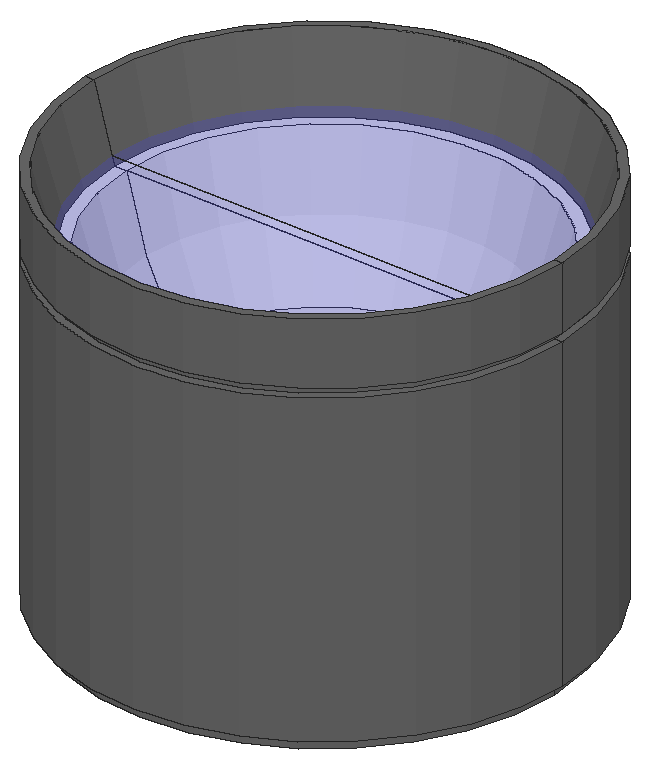
Revit family "66979_HOST_FACE", category Lighting Fixtures, host Face, Revit 2019
Family settings
  Host = Face
  Round Connector Dimension = Use Diameter
  Part Type = Normal
  Cut with Voids When Loaded = Yes
  Light Source = Yes
  Shared = No
  Room Calculation Point = No
Parameters (values of type "Ceiling Luminaires - Downlights")
  Wattage = 12.1918 W
  built-in parameter 1150110 = 1 (stored number, unit not read)
  URL = "www.bega-us.com"
  built-in parameter 1114217 = 1 (stored number, unit not read)
  Tilt Angle = 180.00°
  built-in parameter 1150109 = 1 (stored number, unit not read)
  built-in parameter 1150134 = (empty or 0)
  Telephone = "805.684.0533"
  built-in parameter 1150113 = 1 (stored number, unit not read)
  Photometric Web File = "66979.ies"
  Model = "33 508"
  Manufacturer = "BEGA-US"
  built-in parameter 1150105 = 144.11 (stored number, unit not read)
  Lumens = 1811 lm
  built-in parameter 1150115 = 1 (stored number, unit not read)
  built-in parameter 1150137 = (empty or 0)
  built-in parameter 1150139 = (empty or 0)
  built-in parameter 1150112 = 1 (stored number, unit not read)
  built-in parameter 1150114 = 1 (stored number, unit not read)
  Lamp = "15.7W LED"
  built-in parameter 1150132 = 2
  built-in parameter 1150102 = (empty or 0)
  built-in parameter 1150107 = 3000 (stored number, unit not read)
  built-in parameter 1150138 = (empty or 0)
  built-in parameter 1150106 = 1.4411 (stored number, unit not read)
  built-in parameter 1150104 = 13.8 (stored number, unit not read)
  Dimming Lamp Color Temperature Shift = <None>
  Description = "LED ceiling and wall luminaires - impact resistant"
  Default Elevation = 0' - 0"
  Color Filter = 16777215
  built-in parameter 1114218 = 1 (stored number, unit not read)
  built-in parameter 1150133 = 10 (stored number, unit not read)
Types (27): name | Wattage | Tilt Angle | built-in parameter 1150134 | Photometric Web File | Model | built-in parameter 1150105 | Lumens | Lamp | built-in parameter 1150107 | built-in parameter 1150106 | Description | Default Elevation
  (no name) | 12.1918 W | 180.00° | (empty or 0) | "66979.ies" | "33 508" | 144.11 (stored number, unit not read) | 1811 lm | "15.7W LED" | 3000 (stored number, unit not read) | 1.4411 (stored number, unit not read) | "LED ceiling and wall luminaires - impact resistant" | 0' - 0"
  Wall Luminaires - Directed Light | 18.4392 W | 90.00° | (empty or 0) | "generic" | "2260LED" | 217.96 (stored number, unit not read) | 2739 lm | "44.6W LED" | 3000 (stored number, unit not read) | 2.1796 (stored number, unit not read) | "Surface wall with cutoff optics" | 6' - 0"
  Wall Luminaires - Linear | 9.92985 W | 90.00° | 9 | "generic" | "4425P" | 117.38 (stored number, unit not read) | 1475 lm | "(1) 39W CF twin-4-p" | 3450 (stored number, unit not read) | 1.1738 (stored number, unit not read) | "Suface wall - linear with white acrylic diffuser" | 6' - 0"
  Ceiling and Wall Luminaires - Unshielded | 2.66591 W | 0.00° | (empty or 0) | "33508.ies" | "33 508" | 31.513 (stored number, unit not read) | 396 lm | "W LED" | 3000 (stored number, unit not read) | 0.31513 (stored number, unit not read) | "LED ceiling and wall luminaires - impact resistant" | 0' - 0"
  Recessed Luminaires - Round | 2.66591 W | 0.00° | (empty or 0) | "33508.ies" | "33 508" | 31.513 (stored number, unit not read) | 396 lm | "W LED" | 3000 (stored number, unit not read) | 0.31513 (stored number, unit not read) | "LED ceiling and wall luminaires - impact resistant" | 0' - 0"
  Recessed Luminaires - Square | 0.0067321 W | 0.00° | (empty or 0) | "88754.IES" | 0' - 0" | 0.079577 (stored number, unit not read) | 1 lm | "W LED" | 3000 (stored number, unit not read) | 0.00079577 (stored number, unit not read) | 0' - 0" | 0' - 0"
  Recessed Luminaires - Retangular | 2.66591 W | 0.00° | (empty or 0) | "33508.ies" | "33 508" | 31.513 (stored number, unit not read) | 396 lm | "W LED" | 3000 (stored number, unit not read) | 0.31513 (stored number, unit not read) | "LED ceiling and wall luminaires - impact resistant" | 0' - 0"
  Recessed Luminaires - Elongated | 2.66591 W | 0.00° | (empty or 0) | "33508.ies" | "33 508" | 31.513 (stored number, unit not read) | 396 lm | "W LED" | 3000 (stored number, unit not read) | 0.31513 (stored number, unit not read) | "LED ceiling and wall luminaires - impact resistant" | 0' - 0"
  Recessed Ceiling Luminaires - Downlights | 2.66591 W | 0.00° | (empty or 0) | "33508.ies" | "33 508" | 31.513 (stored number, unit not read) | 396 lm | "W LED" | 3000 (stored number, unit not read) | 0.31513 (stored number, unit not read) | "LED ceiling and wall luminaires - impact resistant" | 0' - 0"
  Recessed Ceiling Luminaires - Asymmetric | 2.66591 W | 0.00° | (empty or 0) | "33508.ies" | "33 508" | 31.513 (stored number, unit not read) | 396 lm | "W LED" | 3000 (stored number, unit not read) | 0.31513 (stored number, unit not read) | "LED ceiling and wall luminaires - impact resistant" | 0' - 0"
  Pendant and Cable Suspended Luminaires - Shielded | 2.66591 W | 0.00° | (empty or 0) | "33508.ies" | "33 508" | 31.513 (stored number, unit not read) | 396 lm | "W LED" | 3000 (stored number, unit not read) | 0.31513 (stored number, unit not read) | "LED ceiling and wall luminaires - impact resistant" | 0' - 0"
  Pendant and Cable Suspended Luminaires - Directed | 2.66591 W | 0.00° | (empty or 0) | "33508.ies" | "33 508" | 31.513 (stored number, unit not read) | 396 lm | "W LED" | 3000 (stored number, unit not read) | 0.31513 (stored number, unit not read) | "LED ceiling and wall luminaires - impact resistant" | 0' - 0"
  Ceiling Luminaires - Downlights | 12.1918 W | 180.00° | (empty or 0) | "66979.ies" | "33 508" | 144.11 (stored number, unit not read) | 1811 lm | "15.7W LED" | 3000 (stored number, unit not read) | 1.4411 (stored number, unit not read) | "LED ceiling and wall luminaires - impact resistant" | 0' - 0"
  Ceiling Luminaires - Asymmetric | 2.66591 W | 0.00° | (empty or 0) | "33508.ies" | "33 508" | 31.513 (stored number, unit not read) | 396 lm | "W LED" | 3000 (stored number, unit not read) | 0.31513 (stored number, unit not read) | "LED ceiling and wall luminaires - impact resistant" | 0' - 0"
  Ceiling and Wall Luminaires - Stainless Steel | 2.66591 W | 0.00° | (empty or 0) | "33508.ies" | "33 508" | 31.513 (stored number, unit not read) | 396 lm | "W LED" | 3000 (stored number, unit not read) | 0.31513 (stored number, unit not read) | "LED ceiling and wall luminaires - impact resistant" | 0' - 0"
  Wall Luminaires - Stainless Steel | 2.66591 W | 0.00° | (empty or 0) | "33508.ies" | "33 508" | 31.513 (stored number, unit not read) | 396 lm | "W LED" | 3000 (stored number, unit not read) | 0.31513 (stored number, unit not read) | "LED ceiling and wall luminaires - impact resistant" | 0' - 0"
  Wall Luminaires - Unshielded Light | 2.66591 W | 0.00° | (empty or 0) | "33508.ies" | "33 508" | 31.513 (stored number, unit not read) | 396 lm | "W LED" | 3000 (stored number, unit not read) | 0.31513 (stored number, unit not read) | "LED ceiling and wall luminaires - impact resistant" | 0' - 0"
  Wall Luminaires - Shielded Light | 2.66591 W | 0.00° | (empty or 0) | "33508.ies" | "33 508" | 31.513 (stored number, unit not read) | 396 lm | "W LED" | 3000 (stored number, unit not read) | 0.31513 (stored number, unit not read) | "LED ceiling and wall luminaires - impact resistant" | 0' - 0"
  On-Ground Luminaires | 2.66591 W | 0.00° | (empty or 0) | "33508.ies" | "33 508" | 31.513 (stored number, unit not read) | 396 lm | "W LED" | 3000 (stored number, unit not read) | 0.31513 (stored number, unit not read) | "LED ceiling and wall luminaires - impact resistant" | 0' - 0"
  Light Design Elements | 2.66591 W | 0.00° | (empty or 0) | "33508.ies" | "33 508" | 31.513 (stored number, unit not read) | 396 lm | "W LED" | 3000 (stored number, unit not read) | 0.31513 (stored number, unit not read) | "LED ceiling and wall luminaires - impact resistant" | 0' - 0"
  LED System Bollard | 2.66591 W | 0.00° | (empty or 0) | "33508.ies" | "33 508" | 31.513 (stored number, unit not read) | 396 lm | "W LED" | 3000 (stored number, unit not read) | 0.31513 (stored number, unit not read) | "LED ceiling and wall luminaires - impact resistant" | 0' - 0"
  Bollards | 2.66591 W | 0.00° | (empty or 0) | "33508.ies" | "33 508" | 31.513 (stored number, unit not read) | 396 lm | "W LED" | 3000 (stored number, unit not read) | 0.31513 (stored number, unit not read) | "LED ceiling and wall luminaires - impact resistant" | 0' - 0"
  Bollards - Stainless Steel | 2.66591 W | 0.00° | (empty or 0) | "33508.ies" | "33 508" | 31.513 (stored number, unit not read) | 396 lm | "W LED" | 3000 (stored number, unit not read) | 0.31513 (stored number, unit not read) | "LED ceiling and wall luminaires - impact resistant" | 0' - 0"
  Light Building Elements | 2.66591 W | 0.00° | (empty or 0) | "33508.ies" | "33 508" | 31.513 (stored number, unit not read) | 396 lm | "W LED" | 3000 (stored number, unit not read) | 0.31513 (stored number, unit not read) | "LED ceiling and wall luminaires - impact resistant" | 0' - 0"
  Pole-top Luminaires - with asymmetrical light distribution | 2.66591 W | 0.00° | (empty or 0) | "33508.ies" | "33 508" | 31.513 (stored number, unit not read) | 396 lm | "W LED" | 3000 (stored number, unit not read) | 0.31513 (stored number, unit not read) | "LED ceiling and wall luminaires - impact resistant" | 0' - 0"
  Pole-top Luminaires - with symmetrical light distribution | 2.66591 W | 0.00° | (empty or 0) | "33508.ies" | "33 508" | 31.513 (stored number, unit not read) | 396 lm | "W LED" | 3000 (stored number, unit not read) | 0.31513 (stored number, unit not read) | "LED ceiling and wall luminaires - impact resistant" | 0' - 0"
  Pole-top Luminaires - with indirect light | 2.66591 W | 0.00° | (empty or 0) | "88754.IES" | "33 508" | 31.513 (stored number, unit not read) | 396 lm | "W LED" | 3000 (stored number, unit not read) | 0.31513 (stored number, unit not read) | "LED ceiling and wall luminaires - impact resistant" | 0' - 0"
Reference planes (in)
  plane 1 "Center (Front/Back)": y = 0
  plane 2: z = 0
  plane 3 "Center (Left/Right)": x = 0
Dimensions and locks (in)
  aligned and locked: plane 2 to host face
  aligned and locked: level to host face
Nested families (in)
  nested 1: "66979" at (0, 0, 0), type "66979"
Connectors (in)
  electrical at (0, 0, 0)
    settings: on host face, index 1, voltage 0 V, apparent load 0 VA, apparent load phase1 0 VA, apparent load phase2 0 VA, apparent load phase3 0 VA, power factor 1, load classification "Other", number of poles 1, system type 31, power factor state 1, is connector primary yes, connector utility no, sub classification motor no, connector description ""
Definition of nested family "66979"
  Reference planes (in)
    plane 1 "Center (Front/Back)": y = 0
    plane 2: z = 0
    plane 3 "Center (Left/Right)": x = 0
    plane 4: y = 0
  Forms (in)
    Revolve 1, solid
      sketch origin (0, 0, 0) x (1, 0, 0) y (0, 0, 1)
        loop
          line (0, 0) -> (0, 6.125) -> (-3.75, 6.125) -> (-3.75, 5.14844) -> (-3.62091, 5.14844) -> (-3.62091, 5.01155) -> (-3.75, 5.01155) -> (-3.75, 0.16725) -> (-3.625, 0.16725) -> (-3.625, 0) -> (0, 0)
        axis (0, 6.125) -> (0, 0)
      angle from 0 to 360
    Revolve 2, void
      sketch origin (0, 0, 0) x (1, 0, 0) y (0, 0, 1)
        loop
          line (0, 6.125) -> (-3.625, 6.125) -> (-2.60963, 2.58399) -> (0, 2.58399) -> (0, 6.125)
        axis (0, 6.125) -> (0, 2.58399)
      angle from 0 to 360
    Revolve 3, solid
      sketch origin (0, 0, 0) x (1, 0, 0) y (0, 0, 1)
        loop
          line (0, 5.14844) -> (-3.42382, 5.14844) -> (-3.42382, 5.01896) -> (0, 5.01896) -> (0, 5.14844)
        axis (0, 5.14844) -> (0, 5.01896)
      angle from 0 to 360
    Revolve 4, solid
      sketch origin (0, 0, 0) x (1, 0, 0) y (0, 0, 1)
        loop
          line (-3.34495, 5.01896) -> (-2.30078, 2.29881) -> (0, 2.29881) -> (0, 2.89844) -> (-2.30078, 2.89844)
          arc (-2.30078, 2.89844) -> (-2.80338, 3.922) -> (-3.11477, 5.01896) r 6.34855
          line (-3.11477, 5.01896) -> (-3.34495, 5.01896)
        axis (0, 5.01896) -> (0, 2.29881)
      angle from 0 to 360
  Cuts and joins
    Revolve 2 cuts Revolve 1
  Dimensions and locks (in)
    aligned and locked: plane 2 to level
